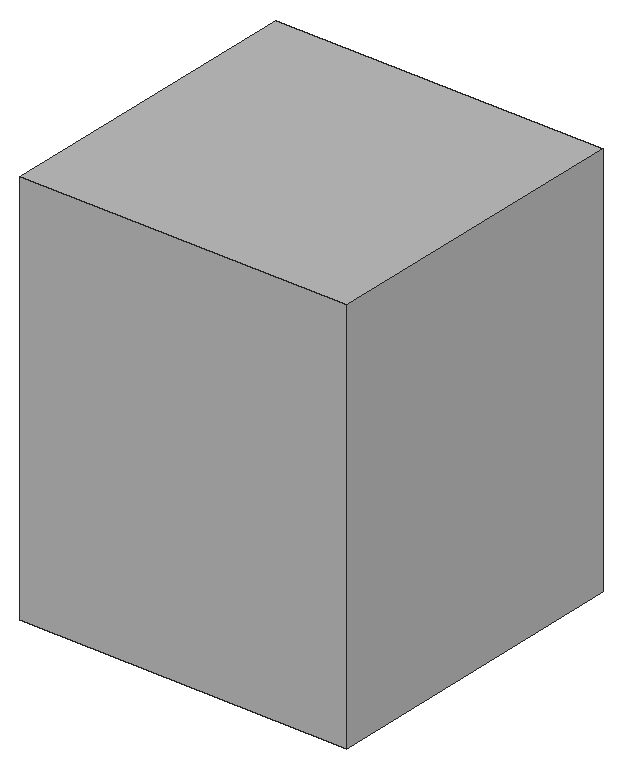
Revit family
Parameters (values of type "593 x 720mm")
  Label = "OVEN"
  Depth = 600 mm
  Height = 720 mm
  Oven Material = Metal - Stainless Steel
  Plinth Height = 140 mm
  Width = 593 mm
Reference planes
  plane 1: y = 0
  plane 2 "Center": x = -61.617
  plane 3: x = 234.883
  plane 4: x = -358.117
  plane 5: z = 140
  plane 6: z = 860
  plane 7: x = 214.883
  plane 8: z = 840
  plane 9: x = -338.117
  plane 10: z = 160
  plane 11: z = 500
  plane 12: x = -288.117
  plane 13: x = -238.117
  plane 14: z = 780
  plane 15: z = 710
  plane 16: z = 640
  plane 17: z = 570
Forms (mm)
  Extrusion 1, solid, material "Metal - Stainless Steel" <- "Oven Material"
    sketch origin (0, 0, 0) x (1, 0, 0) y (0, 1, 0)
      loop
        line (-358.117, 700) -> (-358.117, 120) -> (234.883, 120) -> (234.883, 700) -> (-358.117, 700)
    from 140 to 860
  Extrusion 2, void
    sketch origin (234.883, 700, 860) x (0, 0, 1) y (-1, 0, 0)
      loop
        line (-20, 20) -> (-20, 453) -> (-360, 453) -> (-360, 20) -> (-20, 20)
      loop
        line (-380, 20) -> (-380, 573) -> (-700, 573) -> (-700, 20) -> (-380, 20)
    from 0 to 459.504
  Extrusion 3, solid, material "Metal - Stainless Steel" <- "Oven Material"
    sketch origin (234.883, 700, 860) x (0, 0, -1) y (-1, 0, 0)
      loop
        line (20, 20) -> (360, 20) -> (360, 453) -> (20, 453) -> (20, 20)
      loop
        line (330, 423) -> (80, 423) -> (80, 50) -> (330, 50) -> (330, 423)
      loop
        line (380, 573) -> (380, 20) -> (700, 20) -> (700, 573) -> (380, 573)
      loop
        line (670, 543) -> (440, 543) -> (440, 50) -> (670, 50) -> (670, 543)
    from 0 to 5
  Extrusion 4, solid, material "Metal - Paint Finish - Dark Gray, Matte"
    sketch origin (234.883, 700, 860) x (0, 0, -1) y (-1, 0, 0)
      loop
        line (40, 60) -> (60, 60) -> (60, 413) -> (40, 413) -> (40, 60)
      loop
        line (400, 60) -> (420, 60) -> (420, 533) -> (400, 533) -> (400, 60)
    from 0 to 10
  Extrusion 5, solid, material "Metal - Paint Finish - Dark Gray, Matte"
    sketch origin (234.883, 700, 860) x (0, 0, -1) y (-1, 0, 0)
      loop
        line (40, 488) -> (80, 488) -> (80, 558) -> (40, 558) -> (40, 488)
      loop
        circle (150, 523) r 20
      loop
        circle (220, 523) r 20
      loop
        circle (290, 523) r 20
    from 0 to 10
Cuts and joins
  Extrusion 2 cuts Extrusion 1
Lines and regions (mm)
  model lines
    curve 1: line (214.883, 700, 160) -> (-338.117, 700, 160)
    curve 2: line (214.883, 700, 480) -> (214.883, 700, 160)
    curve 3: line (-338.117, 700, 480) -> (214.883, 700, 480)
    curve 4: line (-338.117, 700, 160) -> (-338.117, 700, 480)
    curve 5: line (-338.117, 700, 500) -> (-238.117, 700, 500)
    curve 6: line (-338.117, 700, 840) -> (-338.117, 700, 500)
    curve 7: line (-238.117, 700, 840) -> (-338.117, 700, 840)
    curve 8: line (-238.117, 700, 500) -> (-238.117, 700, 840)
    curve 9: line (-218.117, 700, 500) -> (214.883, 700, 500)
    curve 10: line (-218.117, 700, 840) -> (-218.117, 700, 500)
    curve 11: line (214.883, 700, 840) -> (-218.117, 700, 840)
    curve 12: line (214.883, 700, 500) -> (214.883, 700, 840)
    curve 13: line (184.883, 700, 190) -> (-308.117, 700, 190)
    curve 14: line (184.883, 700, 420) -> (184.883, 700, 190)
    curve 15: line (-308.117, 700, 420) -> (184.883, 700, 420)
    curve 16: line (-308.117, 700, 190) -> (-308.117, 700, 420)
    curve 17: line (174.883, 700, 440) -> (-298.117, 700, 440)
    curve 18: line (174.883, 700, 460) -> (174.883, 700, 440)
    curve 19: line (-298.117, 700, 460) -> (174.883, 700, 460)
    curve 20: line (-298.117, 700, 440) -> (-298.117, 700, 460)
    curve 21: line (184.883, 700, 530) -> (-188.117, 700, 530)
    curve 22: line (184.883, 700, 780) -> (184.883, 700, 530)
    curve 23: line (-188.117, 700, 780) -> (184.883, 700, 780)
    curve 24: line (-188.117, 700, 530) -> (-188.117, 700, 780)
    curve 25: line (174.883, 700, 800) -> (-178.117, 700, 800)
    curve 26: line (174.883, 700, 820) -> (174.883, 700, 800)
    curve 27: line (-178.117, 700, 820) -> (174.883, 700, 820)
    curve 28: line (-178.117, 700, 800) -> (-178.117, 700, 820)
    curve 29: line (-253.117, 700, 820) -> (-323.117, 700, 820)
    curve 30: line (-253.117, 700, 780) -> (-253.117, 700, 820)
    curve 31: line (-323.117, 700, 780) -> (-253.117, 700, 780)
    curve 32: line (-323.117, 700, 820) -> (-323.117, 700, 780)
    curve 33: arc (-288.117, 700, 690) -> (-308.117, 700, 710) -> (-288.117, 700, 730) r 20
    curve 34: arc (-288.117, 700, 730) -> (-268.117, 700, 710) -> (-288.117, 700, 690) r 20
    curve 35: arc (-288.117, 700, 620) -> (-308.117, 700, 640) -> (-288.117, 700, 660) r 20
    curve 36: arc (-288.117, 700, 660) -> (-268.117, 700, 640) -> (-288.117, 700, 620) r 20
    curve 37: arc (-288.117, 700, 550) -> (-308.117, 700, 570) -> (-288.117, 700, 590) r 20
    curve 38: arc (-288.117, 700, 590) -> (-268.117, 700, 570) -> (-288.117, 700, 550) r 20
  symbolic lines
    curve 39: line (-358.117, 120, 0) -> (234.883, 120, 0)
    curve 40: line (-358.117, 700, 0) -> (-358.117, 120, 0)
    curve 41: line (234.883, 700, 0) -> (-358.117, 700, 0)
    curve 42: line (234.883, 120, 0) -> (234.883, 700, 0)
Text (mm)
  text "Placement Side" at (0, 1019.848, 1960.93), in view "Right"
  text "Placement Side" at (-1023.9, 1480.536, 0), in view "Ref. Level"
  text "Placement Side" at (0, 1206.291, 1838.595), in view "Left"
Dimensions and locks
  "Width": plane 4 to plane 3
  equal spacing: plane 4, plane 2 "Center", plane 3
  "Height": plane 5 to plane 6
  "Plinth Height": level to plane 5
  plane 4 to plane 9 = 20 mm
  plane 7 to plane 3 = 20 mm
  plane 5 to plane 10 = 20 mm
  plane 8 to plane 6 = 20 mm
  equal spacing: plane 10, plane 11, plane 8
  equal spacing: plane 13, plane 12, plane 9
  equal spacing: plane 11, plane 17, plane 16, plane 15, plane 14
  locked: Extrusion 1 sketch curve to host wall at 20
  "Depth": host wall to Extrusion 1 sketch curve
  equal spacing: cut or joined group of Extrusion 1, Extrusion 2, nested 1, cut or joined group of Extrusion 1, Extrusion 2
  aligned and locked: plane 4 to Extrusion 1 sketch curve
  aligned and locked: plane 3 to Extrusion 1 sketch curve
  aligned and locked: Extrusion 1 to plane 6
  aligned and locked: plane 5 to Extrusion 1
  aligned and locked: plane 10 to curve 1
  aligned and locked: curve 9 to plane 11
  aligned and locked: plane 8 to curve 12
  aligned and locked: plane 11 to curve 5
  aligned and locked: curve 41 to curve 1
  aligned and locked: curve 12 to Extrusion 2 sketch curve
  aligned and locked: Extrusion 2 sketch curve to curve 11
  aligned and locked: Extrusion 2 sketch curve to curve 9
  aligned and locked: Extrusion 2 sketch curve to curve 10
  aligned and locked: Extrusion 2 sketch curve to curve 2
  aligned and locked: Extrusion 2 sketch curve to curve 3
  aligned and locked: curve 1 to Extrusion 2 sketch curve
  aligned and locked: Extrusion 2 sketch curve to curve 4
  aligned and locked: Extrusion 4 sketch curve to curve 26
  aligned and locked: Extrusion 4 sketch curve to curve 27
  aligned and locked: curve 25 to Extrusion 4 sketch curve
  aligned and locked: Extrusion 4 sketch curve to curve 28
  aligned and locked: Extrusion 4 sketch curve to curve 18
  aligned and locked: Extrusion 4 sketch curve to curve 19
  aligned and locked: curve 17 to Extrusion 4 sketch curve
  aligned and locked: Extrusion 4 sketch curve to curve 20
  aligned and locked: curve 30 to Extrusion 5 sketch curve
  aligned and locked: Extrusion 5 sketch curve to curve 29
  aligned and locked: Extrusion 5 sketch curve to curve 31
  aligned and locked: Extrusion 5 sketch curve to curve 32
Automatic sketch dimensions
  curve 8 to plane 8 = 0 mm
  curve 24 to plane 14 = 0 mm
  curve 30 to plane 14 = 0 mm
  curve 34 to plane 12 = 0 mm
  curve 34 to plane 15 = 0 mm
  curve 36 to plane 12 = 0 mm
  curve 35 to plane 16 = 0 mm
  curve 37 to plane 12 = 0 mm
  curve 38 to plane 17 = 0 mm
  curve 4 to plane 9 = 0 mm
  curve 7 to plane 9 = 0 mm
  curve 8 to plane 13 = 0 mm
  plane 6 to curve 27 = 40 mm
  curve 7 to curve 30 = 20 mm
  curve 25 to plane 14 = 20 mm
  plane 15 to curve 34 = 20 mm
  plane 16 to curve 36 = 20 mm
  plane 17 to curve 37 = 20 mm
  curve 24 to plane 11 = 30 mm
  curve 9 to curve 3 = 20 mm
  curve 2 to curve 19 = 20 mm
  curve 18 to curve 17 = 20 mm
  curve 17 to curve 14 = 20 mm
  curve 16 to plane 12 = 20 mm
  curve 16 to plane 10 = 30 mm
  curve 32 to plane 4 = 35 mm
  plane 9 to curve 20 = 40 mm
  plane 12 to curve 31 = 35 mm
  curve 9 to plane 13 = 20 mm
  curve 9 to curve 24 = 30 mm
  curve 23 to curve 28 = 10 mm
  plane 7 to curve 26 = 40 mm
  plane 7 to curve 18 = 40 mm
  curve 21 to curve 9 = 30 mm
  curve 14 to curve 1 = 30 mm
  curve 12 to plane 7 = 0 mm
  curve 1 to plane 7 = 0 mm
  curve 41 to plane 4 = 0 mm
  curve 41 to plane 3 = 0 mm
  host wall to curve 39 = 20 mm
  Extrusion 3 sketch curve to plane 8 = 0 mm
  Extrusion 3 sketch curve to plane 14 = 0 mm
  Extrusion 3 sketch curve to plane 11 = 0 mm
  Extrusion 3 sketch curve to plane 9 = 0 mm
  Extrusion 3 sketch curve to plane 7 = 0 mm  (x2)
  Extrusion 3 sketch curve to plane 10 = 0 mm
  Extrusion 3 sketch curve to plane 11 = 30 mm
  plane 11 to Extrusion 3 sketch curve = 20 mm
  Extrusion 3 sketch curve to plane 12 = 20 mm
  Extrusion 3 sketch curve to Extrusion 3 sketch curve = 60 mm
  Extrusion 3 sketch curve to plane 10 = 30 mm
  plane 7 to Extrusion 3 sketch curve = 30 mm  (x2)
  Extrusion 3 sketch curve to plane 13 = 50 mm
  Extrusion 3 sketch curve to plane 13 = 20 mm
  Extrusion 5 sketch curve to plane 12 = 0 mm  (x3)
  Extrusion 5 sketch curve to plane 15 = 0 mm
  Extrusion 5 sketch curve to plane 16 = 0 mm
  Extrusion 5 sketch curve to plane 17 = 0 mm
  plane 15 to Extrusion 5 sketch curve = 20 mm
  plane 16 to Extrusion 5 sketch curve = 20 mm
  plane 17 to Extrusion 5 sketch curve = 20 mm
Nested families
  nested 1: "M_Label Annotation" at (-61.617, 410, 0), type "M_Label Annotation", detail levels medium+fine
Definition of nested family "M_Label Annotation"
  Parameters
    Label = ""
  Reference planes
    plane 1: y = 0
    plane 2: x = 0
  Text (mm)
    label "Label" at (0.007, 0.129, 0), shows "Label"
